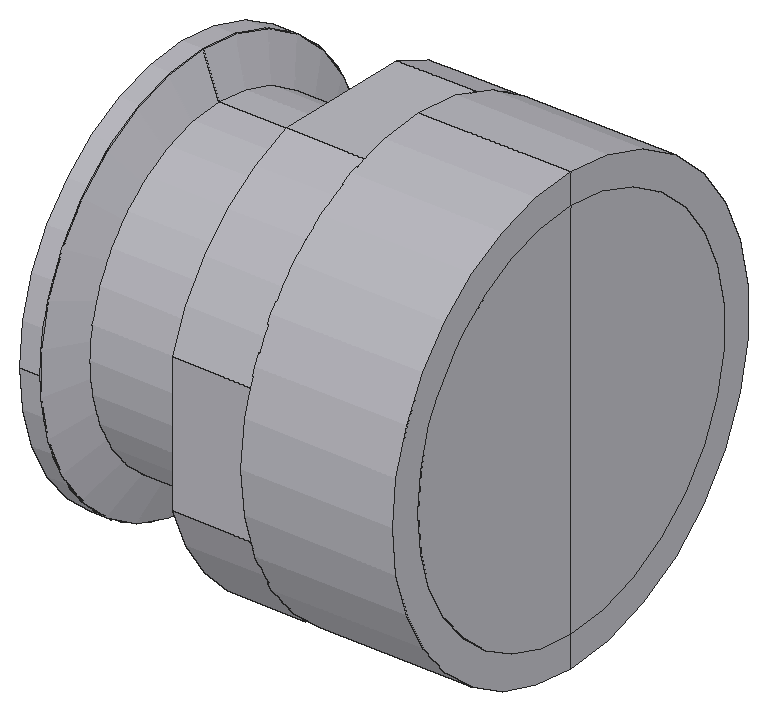
Revit family "22MP", category Pipe Accessories, Revit 2018
Family settings
  Round Connector Dimension = Use Diameter
  Part Type = Normal
  Work Plane-Based = No
  Always vertical = Yes
  Cut with Voids When Loaded = No
  Shared = No
Parameters (values of type "22MP Female Adapter-304")
  void1 [instance] = 0.021"  # constant formula
  pipe radius [instance] = Nominal Diameter / 2  # 1.000"
  insert [instance] = size_lookup(Standards Lookup Table, "NPT_insert", 0.000", NPT pipe diameter)  # 0.7565"
  cut [instance] = 0.068"  # constant formula
  Weight [instance] = size_lookup(LookupTable, "Weight", "NA", Nominal Diameter)  # "NA"
  URL = "http://www.fnw.com"
  Standards Lookup Table = "Standards"  # constant formula
  R2 [instance] = size_lookup(LookupTable, "R2", 2.000", NPT Code)  # 1.37793"
  R1 [instance] = size_lookup(LookupTable, "R1", 2.000", NPT Code)  # 1.258"
  Product ID [instance] = size_lookup(LookupTable, "ProductID", "NA", NPT Code)  # "4829725"
  Part Number [instance] = size_lookup(LookupTable, "PartNumber", "NA", NPT Code)  # "G22MP74K"
  Nominal Diameter [instance] = 2"
  Nominal 1 Code [instance] = if(Nominal Diameter = 0.500", 100.000", if(Nominal Diameter = 0.750", 200.000", if(Nominal Diameter = 1.000", 300.000", if(Nominal Diameter = 1.500", 400.000", if(Nominal Diameter = 2.000", 500.000", if(Nominal Diameter = 2.500", 600.000", if(Nominal Diameter = 3.000", 700.000", if(Nominal Diameter = 4.000", 800.000", if(Nominal Diameter = 6.000", 900.000", 0.000")))))))))  # 500.000"
  NPT pipe radius [instance] = NPT LU Pipe Diameter / 2  # 1.1875"
  NPT pipe diameter [instance] = Nominal Diameter  # 2.000"
  NPT LU Pipe Diameter [instance] = size_lookup(Standards Lookup Table, "pipe_dia", 0.000", NPT pipe diameter)  # 2.375"
  NPT Code [instance] = Nominal 1 Code + NPT pipe diameter  # 502.000"
  LookupTable = "22MP Female Adapter-304"  # constant formula
  L2 [instance] = size_lookup(LookupTable, "L2", 2.000", NPT Code)  # 0.4812"
  L1 [instance] = size_lookup(LookupTable, "L1", 2.000", NPT Code)  # 0.9864"
  FT1 [instance] = size_lookup(LookupTable, "FT1", 3.000", NPT Code)  # 0.125"
  Description BOM [instance] = size_lookup(LookupTable, "Description_BOM", "NA", NPT Code)  # "2X2 304 CLMPXFPT ADPT #7"
  A [instance] = size_lookup(LookupTable, "A", 2.000", NPT Code)  # 2.406"
Reference planes (in)
  plane 1 "Center (Front/Back)": y = 0
  plane 2: z = 0
  plane 3 "Center (Left/Right)": x = 0
  plane 4: z = 1
  plane 5: x = -1.203
  plane 6: x = 1.203
  plane 7: z = 1.258
  plane 8: x = -1.078
  plane 9: z = 1.37793
  plane 10: x = -0.2166
  plane 11 "hh": x = 0.2646
  plane 12: y = 1.37793
  plane 13: y = -1.37793
  plane 14: z = -1.37793
  plane 15: z = 1.37793
  plane 16: x = 0.4465
Forms (in)
  Extrusion 1, solid, material "Steel, Stainless"
    sketch origin (0, 0, 0) x (0, 1, 0) y (0, 0, 1)
      loop
        circle (0, 0) r 1
      loop
        circle (0, 0) r 1.258
    from -1.203 to -1.078
  Revolve 2, solid, material "Steel, Stainless"
    sketch origin (0, 0, 0) x (1, 0, 0) y (0, 0, 1)
      loop
        line (-0.97821, 1) -> (-1.078, 1.258) -> (-1.078, 0) -> (-0.2166, 0) -> (-0.2166, 1) -> (-0.97821, 1)
      axis (-0.2166, 0) -> (-1.078, 0)
    angle from 0 to 360
  Revolve 3, solid, material "Steel, Stainless"
    sketch origin (0, 0, 0) x (1, 0, 0) y (0, 0, 1)
      loop
        line (0.2646, 1.37793) -> (0.2646, 0) -> (1.203, 0) -> (1.203, 1.37793) -> (0.2646, 1.37793)
      axis (0.2646, 0) -> (1.203, 0)
    angle from 0 to 360
  Extrusion 4, solid, material "Steel, Stainless"
    sketch origin (0.2646, 0, 0) x (0, 0, 1) y (0, -1, 0)
      loop
        arc (-1.30993, -0.42752) -> (-0.97434, -0.97434) -> (-0.42752, -1.30993) r 1.37793
        line (-0.42752, -1.30993) -> (0.42752, -1.30993)
        arc (0.42752, -1.30993) -> (0.97434, -0.97434) -> (1.30993, -0.42752) r 1.37793
        line (1.30993, -0.42752) -> (1.30993, 0.42752)
        arc (1.30993, 0.42752) -> (0.97434, 0.97434) -> (0.42752, 1.30993) r 1.37793
        line (0.42752, 1.30993) -> (-0.42752, 1.30993)
        arc (-0.42752, 1.30993) -> (-0.97434, 0.97434) -> (-1.30993, 0.42752) r 1.37793
        line (-1.30993, 0.42752) -> (-1.30993, -0.42752)
    from 0 to -0.4812
  Extrusion 5, solid, not visible
    sketch origin (0, 0, 0) x (0, 1, 0) y (0, 0, 1)
      loop
        circle (0, 0) r 0.0827
    from 0 to 0.4465
  Revolve 6, solid, material "Steel, Stainless"
    sketch origin (0, 0, 0) x (1, 0, 0) y (0, 0, 1)
      loop
        line (0.4465, 1.1875) -> (0.4465, 0) -> (1.203, 0) -> (1.203, 1.1875) -> (0.4465, 1.1875)
      axis (0.4465, 0) -> (1.203, 0)
    angle from 0 to 360
Cuts and joins
  joined: Revolve 3, Extrusion 4
Text (in)
  text "1/2\" shown" at (2.42436, 0, -2.37906), in view "Front"
Dimensions and locks (in)
  equal spacing: plane 6, plane 3 "Center (Left/Right)", plane 5
  "A": plane 6 to plane 5
  "pipe radius": plane 4 to plane 2
  "R1": plane 7 to plane 2
  "FT1": plane 8 to plane 5
  "L1": plane 10 to plane 5
  "R2": plane 9 to plane 2
  "L2": plane 11 "hh" to plane 10
  "R2": plane 15 to plane 2
  "R2": plane 2 to plane 14
  "R2": plane 12 to plane 1 "Center (Front/Back)"
  "R2": plane 1 "Center (Front/Back)" to plane 13
  "cut": Extrusion 4 sketch curve to plane 13
  "cut": plane 15 to Extrusion 4 sketch curve
  "cut": plane 14 to Extrusion 4 sketch curve
  "cut": plane 12 to Extrusion 4 sketch curve
  "insert": plane 6 to plane 16
  "NPT pipe radius": Revolve 6 sketch curve to plane 2
  "pipe radius": radius of Extrusion 1 sketch curve
  "R1": radius of Extrusion 1 sketch curve
  "R2": radius of Extrusion 4 sketch curve  (x4)
  aligned and locked: plane 2 to level
  aligned and locked: Extrusion 1 to plane 5
  aligned and locked: Extrusion 1 to plane 8
  aligned and locked: Extrusion 1 to Revolve 2 sketch curve
  aligned and locked: Revolve 3 sketch curve to Revolve 3 sketch curve
  aligned and locked: Revolve 3 sketch curve to plane 6
  aligned and locked: Revolve 3 sketch curve to plane 9
  aligned and locked: plane 11 "hh" to Revolve 3 sketch curve
  aligned and locked: Extrusion 4 to plane 10
  aligned and locked: plane 16 to Extrusion 5
  aligned and locked: plane 16 to Revolve 6 sketch curve
  aligned and locked: Revolve 6 sketch curve to plane 6
  aligned and locked: plane 2 to Revolve 6 sketch curve
Automatic sketch dimensions
  Revolve 3 sketch curve to level = 0.000"
  Revolve 3 sketch curve to plane 11 "hh" = 0.05738"
  Revolve 3 sketch curve to Revolve 3 sketch curve = 0.70329"
  Extrusion 5 sketch curve to level = 0.000"
  Extrusion 5 sketch curve to plane 1 "Center (Front/Back)" = 0.000"
  Revolve 2 sketch curve to level = 0.000"  (x2)
  Revolve 2 sketch curve to plane 4 = 0.000"
  Revolve 2 sketch curve to plane 10 = 0.000"
  Revolve 2 sketch curve to plane 7 = 0.000"
  plane 8 to Revolve 2 sketch curve = 0.09979"
  Revolve 2 sketch curve to plane 5 = 0.33887"
  plane 8 to Revolve 2 sketch curve = 0.15013"
  Extrusion 1 sketch curve to Extrusion 1 sketch curve = 0.000"  (x2)
  Extrusion 1 sketch curve to level = 0.000"
  Extrusion 1 sketch curve to plane 1 "Center (Front/Back)" = 0.000"
  Extrusion 4 sketch curve to Extrusion 4 sketch curve = 0.000"  (x6)
  Extrusion 4 sketch curve to level = 0.000"
  Extrusion 4 sketch curve to plane 1 "Center (Front/Back)" = 0.000"
  Revolve 6 sketch curve to level = 0.000"
  Revolve 6 sketch curve to Revolve 6 sketch curve = 0.06698"
  Revolve 6 sketch curve to Revolve 6 sketch curve = 0.40394"
  radius of Extrusion 5 sketch curve = 0.0827"
Connectors (in)
  piping at (0.4465, 0, 0), diameter 2, driven by "NPT pipe diameter"
    settings: on Extrusion 5, index 1, connector inside diameter 24", connector length 0.000", flow factor 0, pipe flow 0 GPM, pressure drop 0.00 psi, fitting loss kfactor 0, connector angle 0.00°, fixture units 0, engagement length 0.000", angle of deflection 0.00°, flow configuration 0, flow direction 0, fitting loss method 0, system type 16, joint type 0, gender type 0, connector reference index -1, connector utility 0, adjustable connector no, is connector primary yes, connector description ""
  piping at (-1.203, 0, 0), diameter 2, driven by "Nominal Diameter"
    settings: on Extrusion 1, index 2, connector inside diameter 24", connector length 0.000", flow factor 0, pipe flow 0 GPM, pressure drop 0.00 psi, fitting loss kfactor 0, connector angle 0.00°, fixture units 0, engagement length 0.000", angle of deflection 0.00°, flow configuration 0, flow direction 0, fitting loss method 0, system type 16, joint type 0, gender type 0, connector reference index -1, connector utility 0, adjustable connector no, is connector primary no, connector description ""
